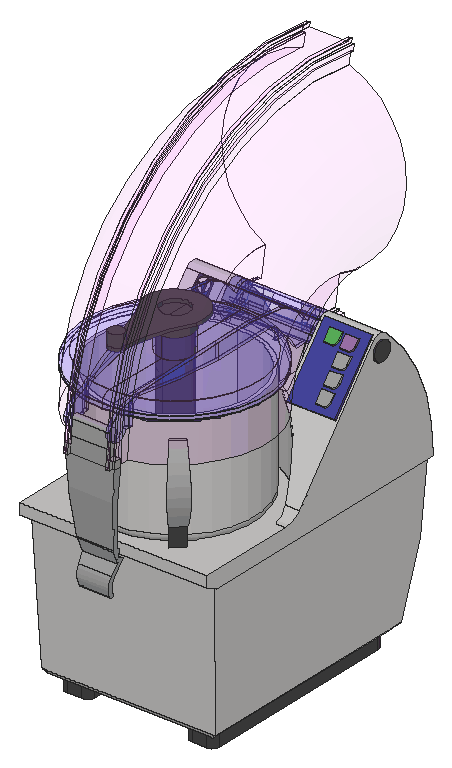
Revit family "QF_ELECTROLUXPROFESSIONAL_600519_K55YVVU", category Attrezzature speciali, Revit 2020
Family settings
  Quota connettore circolare = Usa diametro
  Tipo di parte = Normale
  Basato su piano di lavoro = No
  Sempre verticale = Sì
  Taglio con vuoti quando caricato = No
  Condiviso = No
  Punto di calcolo locali = No
Parameters (values of type "Standard")
  Weight = 22.00 kg
  Watts = 1300 W
  Volts = 110 V
  URL Manufacturer = "https://www.electroluxprofessional.com/"
  URL = "https://www.electroluxprofessional.com/"
  Steam Supply Size = 0 mm
  Steam Supply Minimum Pressure = 0.0 Pa
  Steam Supply Maximum Pressure = 0.0 Pa
  Steam Consumption per Hour = 0
  Show Logo [instance] = yes
  Show Clearance [instance] = yes
  Refrigeration Suction Line Size = 0.0 mm
  Refrigeration Liquid Line Size = 0.0 mm
  Refrigerant Compressor Remote = yes
  Prospetto di default = 0.0 mm
  Produttore = "Electrolux Professional"
  Phase = 1
  Modello = "K55YVVU"
  Length Actual = 256.0 mm  # constant formula
  Item Number = "600519"
  Hot Water Size = 0 mm
  Height Actual = 482.0 mm  # constant formula
  HP = "1.7 HP"
  Gas Size = 0 mm
  Gas KW = 0
  Gas Input Pressure = 0 W
  Direct Waste Size = 0 mm
  Descrizione = "CUTTER-MIXER 5.5L-MICROTOOTHED BLADE-VARIAB.SPEED-1300W-100-120/1/60-US"
  Depth Actual = 415.0 mm  # constant formula
  Cycle = 60 Hz
  Condensate Return Size = 0 mm
  Compressed Air Volume = 0.0 L/s
  Compressed Air Size = 0 mm
  Compressed Air Pressure = 0.0 Pa
  Cold Water Size = 0 mm
  Accessory = yes
Reference planes
  plane 1 "Center (Front/Back)": y = 0
  plane 2: z = 0
  plane 3 "Center (Left/Right)": x = 0
  plane 4 "FRONT": y = -207.5
  plane 5 "BACK": y = 207.5
  plane 6 "LEFT": x = -128
  plane 7 "RIGHT": x = 128
  plane 8 "CenterX": x = -10
  plane 9 "Maniglia": through (-10, -59.177, 4000) normal (0.766, 0.6428, 0)
  plane 10 "Panel": through (4267.2, 107.252, 388.448) normal (0, 0.766, -0.6428)
  plane 11: z = 333.007
Forms (mm)
  Extrusion 1, solid, material "QF_Finishes_Stainless Steel"
    sketch origin (0, 0, 13) x (0, 1, 0) y (0, 0, 1)
      loop
        arc (207.5, 203.483) -> (187.745, 305.45) -> (127.203, 389.844) r 242.898
        arc (127.203, 389.844) -> (116.931, 393.38) -> (107.252, 388.448) r 13.902
        line (107.252, 388.448) -> (-20.106, 236.67)
        arc (-20.106, 236.67) -> (-30.264, 228.875) -> (-42.764, 226.104) r 29.578
        line (-42.764, 226.104) -> (-177.764, 226.104) -> (-177.764, 211.104) -> (-161.42, 203.483) -> (207.5, 203.483)
    from -128 to 128
  Extrusion 2, void
    sketch origin (0, -207.5, 0) x (-1, 0, 0) y (0, 0, 1)
      loop
        line (-53.607, 436.408) -> (-53.607, 336.684) -> (71.073, 336.684) -> (71.073, 436.408) -> (-53.607, 436.408)
    from 255.469 to 415
  Extrusion 3, solid, material "QF_Finishes_Black"
    sketch origin (0, -0.394, 13.084) x (0, 1, 0) y (0, 0, 1)
      loop
        circle (117.901, 373.007) r 13.005
    from 131.516 to 128
  Extrusion 4, solid, material "QF_Finishes_Black"
    sketch origin (0, -0.394, 13.084) x (0, 1, 0) y (0, 0, -1)
      loop
        circle (117.901, -373.007) r 13.005
    from 131.516 to 128
  Revolve 5, solid, material "QF_Finishes_Door Clearance", visible <- "Show Clearance"
    sketch origin (-630, 0, 343.918) x (1, 0, 0) y (0, 1, 0)
      loop
        line (558.927, 142.682) -> (558.927, 95.366) -> (564.148, 95.366) -> (564.148, 93.031) -> (569.229, 93.031) -> (569.229, 54.548)
        arc (569.229, 54.548) -> (495.524, -69.965) -> (588.85, -180.538) r 124.909
        line (588.85, -180.538) -> (588.85, -196.606) -> (585.492, -196.606) -> (585.492, -206.036) -> (588.85, -206.036) -> (588.85, -211.4) -> (593.85, -211.4) -> (593.85, -206.036) -> (646.15, -206.036) -> (646.15, -211.4) -> (651.15, -211.4) -> (651.15, -206.036) -> (654.508, -206.036) -> (654.508, -196.606) -> (651.15, -196.606) -> (651.15, -180.538)
        arc (651.15, -180.538) -> (744.476, -69.965) -> (670.771, 54.548) r 124.909
        line (670.771, 54.548) -> (670.771, 93.031) -> (675.852, 93.031) -> (675.852, 95.366) -> (683.607, 95.366) -> (683.607, 142.682) -> (558.927, 142.682)
      axis (683.607, 142.682) -> (558.927, 142.682)
    angle from 0 to -100
  Extrusion 6, void
    sketch origin (0, 0, 13) x (1, 0, 0) y (0, 1, 0)
      loop
        arc (115, -59.177) -> (-10, 65.823) -> (-135, -59.177) r 125
        line (-135, -59.177) -> (115, -59.177)
    from 226.104 to 336.684
  Extrusion 7, solid, material "QF_Finishes_Stainless Steel"
    sketch origin (0, 0, 13) x (0, 1, 0) y (0, 0, 1)
      loop
        arc (155.897, 6) -> (160.37, 10.596) -> (163.359, 16.27) r 22.417
        arc (163.359, 16.27) -> (192.273, 107.896) -> (201.98, 203.483) r 470.678
        line (201.98, 203.483) -> (-161.42, 203.483)
        arc (-161.42, 203.483) -> (-159.547, 108.877) -> (-151.391, 14.604) r 1423.016
        arc (-151.391, 14.604) -> (-146.603, 8.365) -> (-139.103, 6) r 13.076
        line (-139.103, 6) -> (155.897, 6)
    from -128 to 128
  Extrusion 8, void
    sketch origin (0, -207.5, 13) x (-1, 0, 0) y (0, 0, 1)
      loop
        line (128, 203.483) -> (125, 203.483) -> (119.389, 16.27) -> (109.119, 6) -> (128, 6) -> (128, 203.483)
      loop
        line (-128, 203.483) -> (-128, 6) -> (-109.119, 6) -> (-119.389, 16.27) -> (-125, 203.483) -> (-128, 203.483)
    from 14.374 to 435.947
  Extrusion 9, solid, material "QF_Finishes_Stainless Steel"
    sketch origin (417.596, 210.5, 41.977) x (-1, 0, 0) y (0, 0, -1)
      loop
        line (407.596, -163.023) -> (407.596, -183.023) -> (427.596, -183.023) -> (427.596, -163.023) -> (407.596, -163.023)
    from 0 to 20.07
Cuts and joins
  Extrusion 2, Extrusion 6 cuts Extrusion 1
  Extrusion 8 cuts Extrusion 7
Dimensions and locks
  plane 5 "BACK" to plane 4 "FRONT" = 415.0 mm
  plane 6 "LEFT" to plane 7 "RIGHT" = 256.0 mm
  aligned and locked: level to plane 2
Nested families
  nested 1: "ELX_LOGO_MONO_SMALL - BLUE" at (-109.17, 69.14, 356.029) x (-1, 0, 0) z (0, -0.766, 0.6428), Show Logo <- "Show Logo", visible <- "Show Logo", type "ELX_LOGO_MONO_SMALL - BLUE"
    with Show Logo yes
  nested 2: "PENTOLA - PICCOLA" at (0, -0.4, -27), type "PENTOLA - PICCOLA"
    with Show Logo yes
  nested 3: "Piedino DYNAMIC PREPARATION" at (85.5, 7.5, 0), type "Piedino DYNAMIC PREPARATION"
    with Show Logo yes, H 11.0 mm
  nested 4: "Piedino DYNAMIC PREPARATION" at (-85.5, 7.5, 0) x (-1, 0, 0) z (0, 0, 1), type "Piedino DYNAMIC PREPARATION"
    with Show Logo yes, H 11.0 mm
  nested 5: "Tastiera Digitale" at (91.25, 78.964, 367.737) x (1, 0, 0) z (0, -0.766, 0.6428), type "Tastiera Digitale"
Connectors
  electrical at (0, 210.5, 215)
    settings: on Extrusion 9, index 92, voltage 0 V, apparent load 0 VA, apparent load phase1 0 VA, apparent load phase2 0 VA, apparent load phase3 0 VA, power factor 1, load classification "Altro", number of poles 1, system type 30, power factor state 1, is connector primary yes, connector utility no, sub classification motor no, connector description "EI"
Definition of nested family "ELX_LOGO_MONO_SMALL - BLUE"
  Parameters (values of type "ELX_LOGO_MONO_SMALL - BLUE")
    Show Logo [instance] = yes
    Default Elevation = 1219.2 mm
  Reference planes
    plane 1 "Center (Front/Back)": y = -49
    plane 2: z = 0
    plane 3 "Center (Left/Right)": x = -9.92
  Forms (mm)
    Extrusion 1, solid
      sketch origin (0, 0, 0) x (1, 0, 0) y (0, 1, 0)
        loop
          line (-1219.2, 1219.2) -> (-1219.2, -1219.2) -> (1219.2, -1219.2) -> (1219.2, 1219.2) -> (-1219.2, 1219.2)
      from 0 to -304.8
    Extrusion 2, solid, visible <- "Show Logo"
      sketch origin (84.462, 509.781, 0) x (1, 0, 0) y (0, 1, 0)
        loop
          line (-97.132, -567.787) -> (-97.132, -549.816)
          arc (-97.132, -549.816) -> (-103.775, -558.801) -> (-97.132, -567.787) r 9.398
        loop
          arc (-96.218, -567.787) -> (-88.745, -566.088) -> (-85.144, -559.322) r 9.21
          line (-85.144, -559.322) -> (-88.117, -559.322)
          arc (-88.117, -559.322) -> (-93.428, -561.478) -> (-96.218, -566.485) r 8.633
          line (-96.218, -566.485) -> (-96.218, -567.787)
        loop
          arc (-96.218, -551.117) -> (-93.428, -556.124) -> (-88.117, -558.28) r 8.633
          line (-88.117, -558.28) -> (-85.144, -558.28)
          arc (-85.144, -558.28) -> (-88.739, -551.459) -> (-96.218, -549.585) r 9.451
          line (-96.218, -549.585) -> (-96.218, -551.117)
        loop
          line (-84.462, -568.767) -> (-84.462, -548.794) -> (-104.462, -548.794) -> (-104.462, -568.767) -> (-84.462, -568.767)
      from 0 to 1.644
  Dimensions and locks
    aligned and locked: plane 2 to Extrusion 1
    aligned and locked: level to Extrusion 1
Definition of nested family "PENTOLA - PICCOLA"
  Parameters (values of type "PENTOLA - PICCOLA")
    Show Logo [instance] = yes
    Default Elevation = 0.0 mm
    Model = "600438"
  Reference planes
    plane 1 "Center (Front/Back)": y = 0
    plane 2: z = 0
    plane 3 "Center (Left/Right)": x = 0
    plane 4 "TOP": z = 705.4
    plane 5 "FRONT": y = -211
    plane 6 "BACK": y = 211
    plane 7 "LEFT": x = -128
    plane 8 "RIGHT": x = 128
    plane 9 "CenterX": x = -10
    plane 10 "Maniglia": through (-10, -59.177, 4000) normal (0.766, 0.6428, 0)
    plane 11 "Panel": through (4267.2, 107.252, 388.448) normal (0, 0.766, -0.6428)
    plane 12: z = 510
    plane 13: z = 226.104
    plane 14: z = 266.104
    plane 15: x = 16.15
  Forms (mm)
    Revolve 1, solid
      sketch origin (-10, 0, 0) x (0, -1, 0) y (0, 0, 1)
        loop
          line (59.177, 490.527) -> (28.516, 490.527) -> (35.424, 483.619) -> (35.424, 470.527) -> (38.194, 470.527) -> (38.194, 356.104) -> (59.177, 356.104) -> (59.177, 490.527)
        axis (59.177, 356.104) -> (59.177, 490.527)
      angle from 0 to 360
    Extrusion 2, solid
      sketch origin (0, 0, 0) x (1, 0, 0) y (0, 1, 0)
        loop
          arc (-48.167, -71.147) -> (-28.951, -114.517) -> (-19.956, -161.093) r 210.055
          arc (-19.956, -161.093) -> (-10, -170.155) -> (-0.044, -161.093) r 10
          arc (-0.044, -161.093) -> (8.951, -114.517) -> (28.167, -71.147) r 210.055
          arc (28.167, -71.147) -> (-10, -19.177) -> (-48.167, -71.147) r 40
      from 490.527 to 495.013
    Extrusion 3, solid
      sketch origin (0, 0, 0) x (1, 0, 0) y (0, 1, 0)
        loop
          circle (-10, -160.155) r 10
      from 495.013 to 510.592
    Extrusion 4, void
      sketch origin (0, 0, 0) x (1, 0, 0) y (0, 1, 0)
        loop
          circle (-10, -59.177) r 19
      from 467.615 to 512.796
    Extrusion 5, void
      sketch origin (-20, 0, 0) x (-1, 0, 0) y (0, -1, 0)
        loop
          line (16.15, 177.864) -> (16.15, -123.86) -> (35.771, -123.86) -> (35.771, 48.192)
          arc (35.771, 48.192) -> (30.047, 105.502) -> (17.781, 161.776) r 500.876
          line (17.781, 161.776) -> (17.781, 171.776) -> (16.15, 177.864)
        loop
          line (40.771, -123.86) -> (45.852, -123.86) -> (45.852, 210.681) -> (21.15, 210.681) -> (21.15, 178.522) -> (22.781, 172.434) -> (22.781, 162.459)
          arc (22.781, 162.459) -> (35.047, 105.893) -> (40.771, 48.297) r 505.876
          line (40.771, 48.297) -> (40.771, -123.86)
      from 381.652 to 477.521
    Extrusion 6, solid
      sketch origin (-20, 0, 0) x (0, 1, 0) y (0, 0, -1)
        loop
          line (-173.064, -409.647) -> (-181.147, -409.647)
          arc (-181.147, -409.647) -> (-199.354, -399.982) -> (-210.844, -417.096) r 15.391
          arc (-210.844, -417.096) -> (-202.04, -429.372) -> (-189.058, -437.099) r 36.946
          arc (-189.058, -437.099) -> (-65.868, -463.241) -> (59.99, -458.888) r 518.061
          arc (59.99, -458.888) -> (84.621, -444.919) -> (103.744, -424.036) r 90.696
          line (103.744, -424.036) -> (107.011, -428.153)
          arc (107.011, -428.153) -> (116.741, -433.366) -> (127.203, -429.844) r 13.902
          arc (127.203, -429.844) -> (135.322, -422.188) -> (143.082, -414.167) r 242.898
          line (143.082, -414.167) -> (137.378, -408.464)
          arc (137.378, -408.464) -> (123.613, -393.84) -> (104.088, -398.543) r 20
          line (104.088, -398.543) -> (85.351, -398.543)
          arc (85.351, -398.543) -> (76.464, -411.417) -> (65.823, -422.884) r 108.872
          line (65.823, -422.884) -> (50.823, -422.884)
          arc (50.823, -422.884) -> (52.796, -423.701) -> (53.614, -425.674) r 2.79
          line (53.614, -425.674) -> (53.614, -430.892)
          arc (53.614, -430.892) -> (50.154, -439.244) -> (41.802, -442.703) r 11.812
          line (41.802, -442.703) -> (-160.307, -442.703)
          arc (-160.307, -442.703) -> (-168.659, -439.244) -> (-172.119, -430.892) r 11.812
          line (-172.119, -430.892) -> (-172.119, -425.826)
          arc (-172.119, -425.826) -> (-171.728, -424.361) -> (-170.659, -423.285) r 2.942
          line (-170.659, -423.285) -> (-173.064, -409.647)
        loop
          circle (117.901, -413.007) r 9.416
      from 16.15 to 45.852
    Extrusion 7, solid
      sketch origin (0, 0, 0) x (0, 1, 0) y (0, 0, 1)
        loop
          line (137.378, 408.464) -> (143.082, 414.167)
          arc (143.082, 414.167) -> (135.322, 422.188) -> (127.203, 429.844) r 242.898
          arc (127.203, 429.844) -> (116.931, 433.38) -> (107.252, 428.448) r 13.902
          line (107.252, 428.448) -> (95.766, 414.76)
          arc (95.766, 414.76) -> (97.862, 406.72) -> (99.34, 398.543) r 108.872
          line (99.34, 398.543) -> (104.088, 398.543)
          arc (104.088, 398.543) -> (123.613, 393.84) -> (137.378, 408.464) r 20
        loop
          circle (117.901, 413.007) r 9.416
      from -71.073 to 53.607
    Extrusion 8, solid
      sketch origin (0, 0, 0) x (0, 1, 0) y (0, 0, 1)
        loop
          arc (-190.204, 266.19) -> (-197.267, 328.676) -> (-195.295, 391.529) r 437.299
          line (-195.295, 391.529) -> (-193.232, 411.422)
          arc (-193.232, 411.422) -> (-197.69, 416.911) -> (-203.179, 412.454) r 5
          line (-203.179, 412.454) -> (-205.242, 392.56)
          arc (-205.242, 392.56) -> (-204.406, 329.021) -> (-196.036, 266.03) r 534.528
          line (-196.036, 266.03) -> (-195.287, 263.081) -> (-187.59, 244.878) -> (-196.22, 232.318)
          arc (-196.22, 232.318) -> (-200.203, 219.487) -> (-196.22, 206.655) r 22.658
          arc (-196.22, 206.655) -> (-192.743, 206.01) -> (-192.099, 209.487) r 2.5
          arc (-192.099, 209.487) -> (-195.203, 219.487) -> (-192.099, 229.487) r 17.658
          line (-192.099, 229.487) -> (-179.418, 248.669) -> (-187.59, 252.48) -> (-187.59, 263.577) -> (-190.204, 266.19)
      from -49.646 to 27.326
    Extrusion 9, void
      sketch origin (0, -211, 0) x (-1, 0, 0) y (0, 0, 1)
        loop
          line (-15.15, 416.938) -> (-47.326, 416.938) -> (-47.326, 161.938) -> (-6.963, 161.938) -> (-24.508, 381.652) -> (-15.15, 381.652) -> (-15.15, 416.938)
        loop
          line (26.963, 161.938) -> (77.918, 161.938) -> (77.918, 416.938) -> (35.15, 416.938) -> (35.15, 381.652) -> (44.508, 381.652) -> (26.963, 161.938)
      from 46.08 to -69.339
    Revolve 10, solid
      sketch origin (-10, 0, 0) x (0, -1, 0) y (0, 0, 1)
        loop
          line (38.194, 422.884) -> (38.194, 470.527) -> (35.424, 470.527) -> (35.424, 442.703) -> (-53.802, 442.703)
          arc (-53.802, 442.703) -> (-62.213, 439.268) -> (-65.732, 430.892) r 11.871
          line (-65.732, 430.892) -> (-65.732, 425.793)
          arc (-65.732, 425.793) -> (-64.88, 423.736) -> (-62.823, 422.884) r 2.909
          line (-62.823, 422.884) -> (38.194, 422.884)
        axis (59.177, 422.884) -> (59.177, 470.527)
      angle from 0 to 360
    Revolve 11, solid
      sketch origin (-10, 0, 0) x (0, -1, 0) y (0, 0, 1)
        loop
          line (169.177, 422.884) -> (164.177, 422.884) -> (164.177, 277.884)
          arc (164.177, 277.884) -> (162.191, 273.09) -> (157.397, 271.104) r 6.78
          line (157.397, 271.104) -> (84.177, 271.104) -> (84.177, 356.104) -> (79.177, 356.104) -> (79.177, 266.104) -> (157.397, 266.104)
          arc (157.397, 266.104) -> (165.726, 269.554) -> (169.177, 277.884) r 11.78
          line (169.177, 277.884) -> (169.177, 422.884)
        axis (59.177, 422.884) -> (59.177, 266.104)
      angle from 0 to 360
    Extrusion 12, void
      sketch origin (0, 0, 0) x (0, 1, 0) y (0, 0, 1)
        loop
          line (-210.681, 417.459) -> (-211.654, 417.459) -> (-211.654, 411.793) -> (-210.681, 411.793) -> (-210.681, 417.459)
      from -41.15 to -65.852
    Extrusion 13, solid
      sketch origin (-49.423, -13.925, 40) x (0.634002, 0.773331, 0) y (-0.773331, 0.634002, 0)
        loop
          line (-55.497, -222.333) -> (-26.468, -227.794) -> (-20.635, -161.119)
          arc (-20.635, -161.119) -> (-28.727, -159.898) -> (-36.729, -158.185) r 133.529
          line (-36.729, -158.185) -> (-55.497, -222.333)
      from 226.104 to 356.104
    Revolve 14, void
      sketch origin (-35.007, -29.374, 40) x (-0.642788, 0.766044, 0) y (0, 0, 1)
        loop
          arc (-155.215, 337.579) -> (-171.344, 302.579) -> (-155.215, 267.579) r 46.04
          line (-155.215, 267.579) -> (-147.754, 267.579) -> (-147.754, 337.579) -> (-155.215, 337.579)
        loop
          line (-155.215, 356.104) -> (-147.754, 356.104) -> (-147.754, 361.761) -> (-215.215, 361.761) -> (-215.215, 226.104) -> (-147.754, 226.104) -> (-147.754, 256.485) -> (-163.93, 256.485)
          arc (-163.93, 256.485) -> (-184.453, 308.471) -> (-155.215, 356.104) r 62.537
        axis (10, 361.761) -> (10, 226.104)
      angle from -8.217 to 8.652
    Extrusion 15, solid
      sketch origin (0, 0, 40) x (1, 0, 0) y (0, 1, 0)
        loop
          arc (57.446, -154.071) -> (64.931, -148.135) -> (72.061, -141.775) r 165.215
          line (72.061, -141.775) -> (66.401, -136.116)
          arc (66.401, -136.116) -> (59.824, -141.977) -> (52.928, -147.46) r 157.215
          line (52.928, -147.46) -> (57.446, -154.071)
      from 226.104 to 256.485
    Extrusion 16, void
      sketch origin (0, 0, 0) x (1, 0, 0) y (0, 1, 0)
        loop
          line (16.15, -177.864) -> (17.781, -171.776) -> (17.781, -161.776)
          arc (17.781, -161.776) -> (30.047, -105.502) -> (35.771, -48.192) r 500.876
          line (35.771, -48.192) -> (35.771, 123.86) -> (16.15, 123.86) -> (16.15, -177.864)
        loop
          line (40.771, 123.86) -> (40.771, -48.297)
          arc (40.771, -48.297) -> (35.047, -105.893) -> (22.781, -162.459) r 505.876
          line (22.781, -162.459) -> (22.781, -172.434) -> (21.15, -178.522) -> (21.15, -215.851) -> (45.852, -215.851) -> (45.852, 123.86) -> (40.771, 123.86)
      from 381.652 to 477.521
    Extrusion 17, solid
      sketch origin (0, 0, 0) x (0, 1, 0) y (0, 0, 1)
        loop
          line (-173.064, 409.647) -> (-170.659, 423.285)
          arc (-170.659, 423.285) -> (-171.728, 424.361) -> (-172.119, 425.826) r 2.942
          line (-172.119, 425.826) -> (-172.119, 430.892)
          arc (-172.119, 430.892) -> (-168.659, 439.244) -> (-160.307, 442.703) r 11.812
          line (-160.307, 442.703) -> (41.802, 442.703)
          arc (41.802, 442.703) -> (50.154, 439.244) -> (53.614, 430.892) r 11.812
          line (53.614, 430.892) -> (53.614, 425.674)
          arc (53.614, 425.674) -> (52.796, 423.701) -> (50.823, 422.884) r 2.79
          line (50.823, 422.884) -> (65.823, 422.884)
          arc (65.823, 422.884) -> (76.464, 411.417) -> (85.351, 398.543) r 108.872
          line (85.351, 398.543) -> (104.088, 398.543)
          arc (104.088, 398.543) -> (123.613, 393.84) -> (137.378, 408.464) r 20
          line (137.378, 408.464) -> (143.082, 414.167)
          arc (143.082, 414.167) -> (135.322, 422.188) -> (127.203, 429.844) r 242.898
          arc (127.203, 429.844) -> (116.741, 433.366) -> (107.011, 428.153) r 13.902
          line (107.011, 428.153) -> (103.744, 424.036)
          arc (103.744, 424.036) -> (84.621, 444.919) -> (59.99, 458.888) r 90.696
          arc (59.99, 458.888) -> (-65.868, 463.241) -> (-189.058, 437.099) r 518.061
          arc (-189.058, 437.099) -> (-202.04, 429.372) -> (-210.844, 417.096) r 36.946
          arc (-210.844, 417.096) -> (-199.354, 399.982) -> (-181.147, 409.647) r 15.391
          line (-181.147, 409.647) -> (-173.064, 409.647)
        loop
          circle (117.901, 413.007) r 9.416
      from 16.15 to 45.852
  Cuts and joins
    Extrusion 4 cuts Extrusion 2
    Extrusion 5, Extrusion 12 cuts Extrusion 6
    Extrusion 9 cuts Extrusion 8
    Revolve 14 cuts Extrusion 13
    Extrusion 16 cuts Extrusion 17
  Dimensions and locks
    plane 4 "TOP" to level = 705.4 mm  (x2)
    plane 7 "LEFT" to plane 3 "Center (Left/Right)" to plane 8 "RIGHT" = 128.0 mm, 128.0 mm
    plane 6 "BACK" to plane 1 "Center (Front/Back)" to plane 5 "FRONT" = 211.0 mm, 211.0 mm
    plane 6 "BACK" to plane 5 "FRONT" = 422.0 mm
    plane 7 "LEFT" to plane 8 "RIGHT" = 256.0 mm
    plane 9 "CenterX" to plane 3 "Center (Left/Right)" = 10.0 mm
    plane 12 to level = 510.0 mm
    aligned and locked: level to plane 2
    aligned and locked: Extrusion 5 to cut or joined group of Extrusion 8, Extrusion 9
Definition of nested family "Piedino DYNAMIC PREPARATION"
  Parameters (values of type "Piedino DYNAMIC PREPARATION")
    Show Logo [instance] = yes
    Default Elevation = 0.0 mm
    H [instance] = 11.0 mm
  Reference planes
    plane 1 "Centro (Fronte/Retro)": y = 0
    plane 2: z = 0
    plane 3 "Centro (Sinistra/Destra)": x = 0
  Forms (mm)
    Extrusion 1, solid
      sketch origin (0, 0, 0) x (1, 0, 0) y (0, 1, 0)
        loop
          arc (-10, 145) -> (-17.071, 142.071) -> (-20, 135) r 10
          line (-20, 135) -> (-20, -135)
          arc (-20, -135) -> (-17.071, -142.071) -> (-10, -145) r 10
          line (-10, -145) -> (10, -145)
          arc (10, -145) -> (17.071, -142.071) -> (20, -135) r 10
          line (20, -135) -> (20, 135)
          arc (20, 135) -> (17.071, 142.071) -> (10, 145) r 10
          line (10, 145) -> (-10, 145)
      from 0 to 19
  Dimensions and locks
    aligned and locked: level to plane 2
Definition of nested family "Tastiera Digitale"
  Parameters (values of type "Tastiera Digitale")
    Default Elevation = 1219.2 mm
  Reference planes
    plane 1 "Centro (Fronte/Retro)": y = 0
    plane 2: z = 0
    plane 3 "Centro (Sinistra/Destra)": x = 0
  Forms (mm)
    Extrusion 1, solid
      sketch origin (0, 0, 0) x (1, 0, 0) y (0, 1, 0)
        loop
          line (-1219.2, 1219.2) -> (-1219.2, -1219.2) -> (1219.2, -1219.2) -> (1219.2, 1219.2) -> (-1219.2, 1219.2)
      from 0 to -304.8
    Extrusion 2, solid
      sketch origin (-75.554, 107.59, 0.01) x (1, 0, -0.000132) y (0, 1, 0)
        loop
          line (43.114, -57.598) -> (43.114, -157.581) -> (107.993, -157.581) -> (107.993, -57.598) -> (43.114, -57.598)
      from 0 to 1.6
    Extrusion 3, solid
      sketch origin (-132.607, -70.222, 1.61) x (0, 1, -0.000132) y (-1, 0, 0)
        loop
          line (110.876, -112.81) -> (93.634, -112.81) -> (93.634, -122.863)
          arc (93.634, -122.863) -> (95.709, -127.871) -> (100.717, -129.946) r 7.082
          line (100.717, -129.946) -> (110.876, -129.946) -> (110.876, -112.81)
      from 0 to 1.6
    Extrusion 4, solid
      sketch origin (-87.607, -70.222, 1.61) x (0, 1, -0.000132) y (-1, 0, 0)
        loop
          line (110.876, -90.19) -> (93.634, -90.19) -> (93.634, -100.243)
          arc (93.634, -100.243) -> (95.709, -105.251) -> (100.717, -107.325) r 7.082
          line (100.717, -107.325) -> (110.876, -107.325) -> (110.876, -90.19)
      from 0 to 1.6
    Extrusion 5, solid
      sketch origin (-87.607, -91.472, 1.61) x (0, 1, -0.000132) y (-1, 0, 0)
        loop
          line (110.876, -90.19) -> (93.634, -90.19) -> (93.634, -100.243)
          arc (93.634, -100.243) -> (95.709, -105.251) -> (100.717, -107.325) r 7.082
          line (100.717, -107.325) -> (110.876, -107.325) -> (110.876, -90.19)
        loop
          line (89.001, -90.19) -> (71.759, -90.19) -> (71.759, -100.243)
          arc (71.759, -100.243) -> (73.834, -105.251) -> (78.842, -107.325) r 7.082
          line (78.842, -107.325) -> (89.001, -107.325) -> (89.001, -90.19)
        loop
          line (67.126, -90.19) -> (49.884, -90.19) -> (49.884, -100.243)
          arc (49.884, -100.243) -> (51.959, -105.251) -> (56.967, -107.325) r 7.082
          line (56.967, -107.325) -> (67.126, -107.325) -> (67.126, -90.19)
      from 0 to 1.6
  Dimensions and locks
    aligned and locked: plane 2 to Extrusion 1
    aligned and locked: level to Extrusion 1
